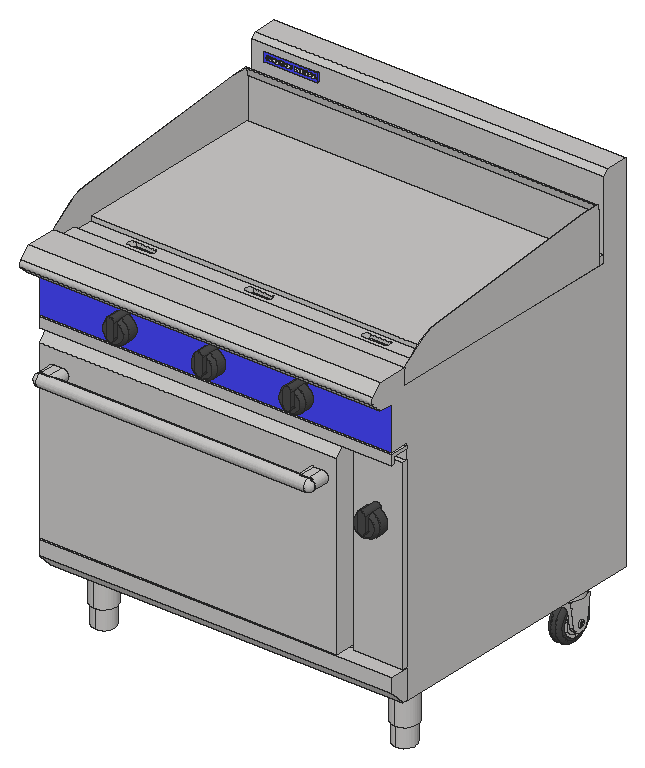
Revit family "QF_MOFFAT_BLUESEAL_CE_G506A", category Specialty Equipment, Revit 2012
Parameters
  Width = 900 mm  # constant formula
  Weight in Pounds = 460
  URL Cutsheet = "www.moffat.com"
  URL = "www.moffat.com"
  Type Mark [instance] = ""
  Status [instance] = ""
  Specification by User [instance] = ""
  Specification by Manufacturer = ""
  Show Logo [instance] = yes
  Show Clearance [instance] = yes
  Show Casters [instance] = yes
  Serial Number = ""
  Seismic Rating = ""
  SMACNA No = ""
  Revision Code [instance] = ""
  Omniclass Number and Title = ""
  NAFEM Spec ID Number = ""
  Model = "G506A"
  Mechanical Remarks = ""
  Mechanical Connection Type [instance] = ""
  Masterspec = ""
  Manufacturer = "MOFFAT BLUESEAL"
  Legs [instance] = not(Show Casters)  # no
  Item Number [instance] = ""
  Installed By [instance] = ""
  Identify Quantity as Lot [instance] = yes
  Height = 970 mm  # constant formula
  Gas Size = 3/4"
  Gas RI Height [instance] = 0 mm
  Gas KW [instance] = 25
  Gas Input [instance] = 85303.0 Btu/h
  Gas Connection Height = 0 mm
  Furnished By [instance] = ""
  Foodservice Equipment Identifier [instance] = yes
  Description = "900MM GAS RANGE WITH STATIC OVEN"
  Depth = 812 mm  # constant formula
  CSI MasterFormat = ""
  CSI Master Format = ""
  Body Finish = QF_Finishes_Stainless Steel
Reference planes
  plane 1 "BACK": y = 0
  plane 2: z = 0
  plane 3 "LEFT": x = 0
  plane 4 "RIGHT": x = 900
  plane 5 "FRONT": y = -812
  plane 6 "TOP": z = 970
  plane 7 "Center Y": x = 450
  plane 8 "Center X": y = -406
  plane 9: x = 280
  plane 10: y = -574.272
  plane 11: x = 60
  plane 12: y = -304.972
  plane 13: y = -364.972
  plane 14: x = 74
  plane 15: y = -812
  plane 16: x = 834.5
  plane 17: y = -32
  plane 18: z = 655
  plane 19: y = -100
  plane 20: z = 1085
  plane 21: y = -705
Forms (mm)
  Extrusion 1, solid, material "QF_Finishes_Stainless Steel" <- "Body Finish"
    sketch origin (0, 0, 0) x (0, 1, 0) y (0, 0, 1)
      loop
        line (0, 150) -> (0, 1085) -> (-57.5, 1085) -> (-70, 1072.5) -> (-70, 875) -> (-705, 875) -> (-705, 915) -> (-783.97, 915) -> (-808.476, 890.494)
        arc (-808.476, 890.494) -> (-811.994, 882) -> (-808.476, 873.506) r 12.013
        line (-808.476, 873.506) -> (-784.97, 850) -> (-749, 850) -> (-749, 740) -> (-699, 740) -> (-699, 150) -> (0, 150)
    from 0 to 900
  Extrusion 2, solid, material "QF_Finishes_Stainless Steel"
    sketch origin (0, 7, 0) x (0, 1, 0) y (0, 0, 1)
      loop
        line (-706, 700) -> (-732, 700) -> (-756, 676) -> (-756, 227.5) -> (-706, 227.5) -> (-706, 700)
    from 0 to 760
  Extrusion 3, solid, material "QF_Finishes_Stainless Steel"
    sketch origin (723.5, 7, 0) x (0, 1, 0) y (0, 0, 1)
      loop
        line (-706, 700) -> (-721, 700) -> (-721, 227.5) -> (-706, 227.5) -> (-706, 700)
    from 51.5 to 176.5
  Revolve 4, solid, material "QF_Finishes_Stainless Steel" <- "Body Finish"
    sketch origin (834.5, -696.126, 0) x (0, 1, 0) y (0, 0, -1)
      loop
        line (39.376, -150) -> (71.126, -150) -> (71.126, 0) -> (43.626, 0) -> (43.626, -50) -> (39.376, -50) -> (39.376, -150)
      axis (71.126, -150) -> (71.126, 0)
    angle from 0 to 360
  Revolve 5, solid, material "QF_Finishes_Stainless Steel" <- "Body Finish"
    sketch origin (65.5, -696.126, 0) x (0, 1, 0) y (0, 0, 1)
      loop
        line (39.376, 150) -> (39.376, 50) -> (43.626, 50) -> (43.626, 0) -> (71.126, 0) -> (71.126, 150) -> (39.376, 150)
      axis (71.126, 150) -> (71.126, 0)
    angle from 0 to 360
  Extrusion 6, solid, material "QF_Finishes_Stainless Steel"
    sketch origin (-64.5, 0, 325) x (1, 0, 0) y (0, 1, 0)
      loop
        circle (834.5, -32) r 10
    from 330 to 371
  Revolve 7, solid, material "QF_Finishes_Black"
    sketch origin (674.351, 45.874, -0.118) x (0, 1, 0) y (0, 0, 1)
      loop
        line (-827.874, 829.5) -> (-838.874, 823.651) -> (-838.874, 797) -> (-794.874, 797) -> (-794.874, 802) -> (-804.874, 802) -> (-804.874, 829.5) -> (-827.874, 829.5)
      axis (-838.874, 797) -> (-794.874, 797)
    angle from 0 to 360
  Revolve 8, solid, material "QF_Finishes_Black"
    sketch origin (223.149, 45.874, -0.118) x (0, 1, 0) y (0, 0, -1)
      loop
        line (-827.874, -829.5) -> (-804.874, -829.5) -> (-804.874, -802) -> (-794.874, -802) -> (-794.874, -797) -> (-838.874, -797) -> (-838.874, -823.651) -> (-827.874, -829.5)
      axis (-838.874, -797) -> (-794.874, -797)
    angle from 0 to 360
  Revolve 9, solid, material "QF_Finishes_Black"
    sketch origin (450, 45.874, -0.118) x (0, 1, 0) y (0, 0, -1)
      loop
        line (-827.874, -829.5) -> (-804.874, -829.5) -> (-804.874, -802) -> (-794.874, -802) -> (-794.874, -797) -> (-838.874, -797) -> (-838.874, -823.651) -> (-827.874, -829.5)
      axis (-838.874, -797) -> (-794.874, -797)
    angle from 0 to 360
  Extrusion 10, solid, material "QF_Finishes_Black"
    sketch origin (370.956, 7, -0.118) x (-1, 0, 0) y (0, 0, -1)
      loop
        arc (158.3, -789) -> (148.3, -779) -> (138.3, -789) r 10
        line (138.3, -789) -> (138.3, -824)
        arc (138.3, -824) -> (148.3, -834) -> (158.3, -824) r 10
        line (158.3, -824) -> (158.3, -789)
    from 759 to 808
  Extrusion 11, solid, material "QF_Finishes_Black"
    sketch origin (526.544, 7, -0.118) x (1, 0, 0) y (0, 0, 1)
      loop
        line (158.3, 789) -> (158.3, 824)
        arc (158.3, 824) -> (148.3, 834) -> (138.3, 824) r 10
        line (138.3, 824) -> (138.3, 789)
        arc (138.3, 789) -> (148.3, 779) -> (158.3, 789) r 10
    from 759 to 808
  Extrusion 12, solid, material "QF_Finishes_Black"
    sketch origin (597.807, 7, -0.118) x (-1, 0, 0) y (0, 0, -1)
      loop
        arc (158.3, -789) -> (148.3, -779) -> (138.3, -789) r 10
        line (138.3, -789) -> (138.3, -824)
        arc (138.3, -824) -> (148.3, -834) -> (158.3, -824) r 10
        line (158.3, -824) -> (158.3, -789)
    from 759 to 808
  Revolve 13, solid, material "QF_Finishes_Black"
    sketch origin (836.851, 80.874, -243.743) x (0, 1, 0) y (0, 0, 1)
      loop
        line (-827.874, 829.5) -> (-838.874, 823.651) -> (-838.874, 797) -> (-794.874, 797) -> (-794.874, 802) -> (-804.874, 802) -> (-804.874, 829.5) -> (-827.874, 829.5)
      axis (-838.874, 797) -> (-794.874, 797)
    angle from 0 to 360
  Extrusion 14, solid, material "QF_Finishes_Black"
    sketch origin (689.044, 42, -243.743) x (1, 0, 0) y (0, 0, 1)
      loop
        line (158.3, 789) -> (158.3, 824)
        arc (158.3, 824) -> (148.3, 834) -> (138.3, 824) r 10
        line (138.3, 824) -> (138.3, 789)
        arc (138.3, 789) -> (148.3, 779) -> (158.3, 789) r 10
    from 759 to 808
  Extrusion 15, solid, material "QF_Door-Drawer Clearances", visible <- "Show Clearance", detail levels coarse
    sketch origin (0, 7, 0) x (0, -1, 0) y (0, 0, 1)
      loop
        line (756, 697.347) -> (756, 227.5) -> (1225.847, 227.5)
        arc (1225.847, 227.5) -> (1088.232, 559.732) -> (756, 697.347) r 469.847
    from 0 to -760
  Extrusion 16, void
    sketch origin (0, 0, 220) x (1, 0, 0) y (0, 1, 0)
      loop
        line (824, -87) -> (824, 0) -> (694, 0) -> (694, -39) -> (744, -87) -> (824, -87)
    from 0 to 476
  Extrusion 17, solid, material "QF_Finishes_Stainless Steel"
    sketch origin (0, -749, 227.5) x (0, 0, 1) y (-1, 0, 0)
      loop
        line (380.625, -38.246) -> (380.625, -58.528)
        arc (380.625, -58.528) -> (395.625, -73.528) -> (410.625, -58.528) r 15
        line (410.625, -58.528) -> (410.625, -38.246)
        arc (410.625, -38.246) -> (395.625, -23.246) -> (380.625, -38.246) r 15
      loop
        arc (380.625, -723.039) -> (395.625, -738.039) -> (410.625, -723.039) r 15
        line (410.625, -723.039) -> (410.625, -702.757)
        arc (410.625, -702.757) -> (395.625, -687.757) -> (380.625, -702.757) r 15
        line (380.625, -702.757) -> (380.625, -723.039)
    from 0 to 44
  Revolve 18, solid, material "QF_Finishes_Stainless Steel"
    sketch origin (0, -793, 0) x (1, 0, 0) y (0, 0, 1)
      loop
        arc (738.039, 623.125) -> (733.646, 633.732) -> (723.039, 638.125) r 15
        line (723.039, 638.125) -> (38.246, 638.125)
        arc (38.246, 638.125) -> (27.64, 633.732) -> (23.246, 623.125) r 15
        line (23.246, 623.125) -> (738.039, 623.125)
      axis (738.039, 623.125) -> (23.246, 623.125)
    angle from 0 to 360
  Extrusion 19, solid, material "QF_Finishes_Stainless Steel" <- "Body Finish"
    sketch origin (0, 7, 0) x (0, 1, 0) y (0, 0, 1)
      loop
        line (-756, 710) -> (-747.224, 710) -> (-749.613, 726.999) -> (-707.93, 726.999) -> (-707.93, 734.003) -> (-756, 734.003) -> (-756, 710)
    from 0 to 900
  Extrusion 20, solid, material "QF_Finishes_Stainless Steel" <- "Body Finish"
    sketch origin (0, 4.73, 0) x (0, 1, 0) y (0, 0, 1)
      loop
        line (-753.73, 222.5) -> (-753.73, 186) -> (-717.802, 150.071) -> (-703.73, 150.071) -> (-703.73, 222.5) -> (-753.73, 222.5)
    from 0 to 900
  Extrusion 21, solid, material "QF_Finishes_Stainless Steel", visible <- "Show Casters"
    sketch origin (71.501, 133.353, -8.783) x (0, 1, 0) y (0, 0, 1)
      loop
        line (-201.603, 118.783) -> (-265.103, 118.783) -> (-252.746, 53.895)
        arc (-252.746, 53.895) -> (-233.353, 38.783) -> (-213.959, 53.895) r 20
        line (-213.959, 53.895) -> (-201.603, 118.783)
    from -35.667 to 22.923
  Revolve 22, solid, material "QF_Finishes_Stainless Steel", visible <- "Show Casters"
    sketch origin (65, -203, 0) x (0, 1, 0) y (0, 0, 1)
      loop
        line (67.25, 150) -> (67.25, 110) -> (103, 110) -> (103, 150) -> (67.25, 150)
      axis (103, 150) -> (103, 110)
    angle from 0 to 360
  Revolve 23, solid, material "QF_Finishes_Stainless Steel", visible <- "Show Casters"
    sketch origin (834.5, -203, 0) x (0, 1, 0) y (0, 0, -1)
      loop
        line (67.25, -150) -> (103, -150) -> (103, -110) -> (67.25, -110) -> (67.25, -150)
      axis (103, -150) -> (103, -110)
    angle from 0 to 360
  Revolve 24, solid, material "QF_Finishes_Stainless Steel", visible <- "Show Casters"
    sketch origin (785.276, -99.755, -13.653) x (1, 0, 0) y (0, 0, 1)
      loop
        line (14.841, 64.453) -> (83.584, 64.453) -> (83.584, 67.958) -> (82.314, 69.228) -> (80.79, 69.228) -> (80.79, 72.674) -> (68.644, 72.674) -> (68.644, 82.639) -> (65.088, 84.692) -> (63.738, 93.028) -> (65.881, 93.028) -> (65.881, 99.378) -> (65.088, 99.378) -> (65.088, 105.728)
        arc (65.088, 105.728) -> (62.298, 112.463) -> (55.563, 115.253) r 9.525
        line (55.563, 115.253) -> (42.863, 115.253)
        arc (42.863, 115.253) -> (36.127, 112.463) -> (33.338, 105.728) r 9.525
        line (33.338, 105.728) -> (33.338, 99.378) -> (32.544, 99.378) -> (32.544, 93.028) -> (34.687, 93.028) -> (33.352, 84.781) -> (29.782, 82.719) -> (29.782, 72.674) -> (17.635, 72.674) -> (17.635, 69.228) -> (16.111, 69.228) -> (14.841, 67.958) -> (14.841, 64.453)
      axis (14.841, 64.453) -> (83.584, 64.453)
    angle from 0 to 360
  Extrusion 25, solid, material "QF_Finishes_Stainless Steel", visible <- "Show Casters"
    sketch origin (841.001, 133.353, -8.783) x (0, 1, 0) y (0, 0, 1)
      loop
        line (-201.603, 118.783) -> (-265.103, 118.783) -> (-252.746, 53.895)
        arc (-252.746, 53.895) -> (-233.353, 38.783) -> (-213.959, 53.895) r 20
        line (-213.959, 53.895) -> (-201.603, 118.783)
    from -35.667 to 22.923
  Revolve 26, solid, material "QF_Finishes_Stainless Steel", visible <- "Legs"
    sketch origin (65, -165, 0) x (0, 1, 0) y (0, 0, 1)
      loop
        line (33.25, 150) -> (33.25, 50) -> (37.5, 50) -> (37.5, 0) -> (65, 0) -> (65, 150) -> (33.25, 150)
      axis (65, 150) -> (65, 0)
    angle from 0 to 360
  Revolve 27, solid, material "QF_Finishes_Stainless Steel", visible <- "Legs"
    sketch origin (834.5, -165, 0) x (0, 1, 0) y (0, 0, -1)
      loop
        line (33.25, -150) -> (65, -150) -> (65, 0) -> (37.5, 0) -> (37.5, -50) -> (33.25, -50) -> (33.25, -150)
      axis (65, -150) -> (65, 0)
    angle from 0 to 360
  Revolve 28, solid, material "QF_Finishes_Stainless Steel", visible <- "Show Casters"
    sketch origin (114.224, -99.755, -13.653) x (-1, 0, 0) y (0, 0, -1)
      loop
        line (14.841, -64.453) -> (14.841, -67.958) -> (16.111, -69.228) -> (17.635, -69.228) -> (17.635, -72.674) -> (29.782, -72.674) -> (29.782, -82.719) -> (33.352, -84.781) -> (34.687, -93.028) -> (32.544, -93.028) -> (32.544, -99.378) -> (33.338, -99.378) -> (33.338, -105.728)
        arc (33.338, -105.728) -> (36.127, -112.463) -> (42.863, -115.253) r 9.525
        line (42.863, -115.253) -> (55.563, -115.253)
        arc (55.563, -115.253) -> (62.298, -112.463) -> (65.088, -105.728) r 9.525
        line (65.088, -105.728) -> (65.088, -99.378) -> (65.881, -99.378) -> (65.881, -93.028) -> (63.738, -93.028) -> (65.088, -84.692) -> (68.644, -82.639) -> (68.644, -72.674) -> (80.79, -72.674) -> (80.79, -69.228) -> (82.314, -69.228) -> (83.584, -67.958) -> (83.584, -64.453) -> (14.841, -64.453)
      axis (14.841, -64.453) -> (83.584, -64.453)
    angle from 0 to 360
Cuts and joins
  Extrusion 16 cuts Extrusion 1
Lines and regions (mm)
  Split face 1
    outline origin (900, 0, 1085) x (-1, 0, 0) y (0, -1, 0)
      loop
        arc (867.206, 18.385) -> (875.866, 23.385) -> (875.866, 33.385) r 10
        line (875.866, 33.385) -> (871.824, 40.385)
        arc (871.824, 40.385) -> (868.164, 44.045) -> (863.164, 45.385) r 10
        line (863.164, 45.385) -> (635.206, 45.385)
        arc (635.206, 45.385) -> (626.545, 40.385) -> (626.545, 30.385) r 10
        line (626.545, 30.385) -> (630.587, 23.385)
        arc (630.587, 23.385) -> (634.247, 19.725) -> (639.247, 18.385) r 10
        line (639.247, 18.385) -> (867.206, 18.385)
  Split face 2
    outline origin (900, 0, 1085) x (-1, 0, 0) y (0, -1, 0)
      loop
        arc (567.206, 18.385) -> (575.866, 23.385) -> (575.866, 33.385) r 10
        line (575.866, 33.385) -> (571.824, 40.385)
        arc (571.824, 40.385) -> (568.164, 44.045) -> (563.164, 45.385) r 10
        line (563.164, 45.385) -> (335.206, 45.385)
        arc (335.206, 45.385) -> (326.545, 40.385) -> (326.545, 30.385) r 10
        line (326.545, 30.385) -> (330.587, 23.385)
        arc (330.587, 23.385) -> (334.247, 19.725) -> (339.247, 18.385) r 10
        line (339.247, 18.385) -> (567.206, 18.385)
  Split face 3
    outline origin (900, 0, 1085) x (-1, 0, 0) y (0, -1, 0)
      loop
        arc (35.206, 45.385) -> (26.545, 40.385) -> (26.545, 30.385) r 10
        line (26.545, 30.385) -> (30.587, 23.385)
        arc (30.587, 23.385) -> (34.247, 19.725) -> (39.247, 18.385) r 10
        line (39.247, 18.385) -> (267.206, 18.385)
        arc (267.206, 18.385) -> (275.866, 23.385) -> (275.866, 33.385) r 10
        line (275.866, 33.385) -> (271.824, 40.385)
        arc (271.824, 40.385) -> (268.164, 44.045) -> (263.164, 45.385) r 10
        line (263.164, 45.385) -> (35.206, 45.385)
  symbolic lines
    curve 1: line (0, 0, 0) -> (0, -812, 0)
    curve 2: line (900, 0, 0) -> (0, 0, 0)
    curve 3: line (900, -812, 0) -> (900, 0, 0)
    curve 4: line (0, -70, 0) -> (900, -70, 0)
    curve 5: line (900, -812, 0) -> (0, -812, 0)
    curve 6: line (900, -705, 0) -> (0, -705, 0)
    curve 7: line (0, -701.7, 0) -> (900, -701.7, 0)
    curve 8: line (900, -72.734, 0) -> (0, -72.734, 0)
    curve 9: arc (22.65, -812, 0) -> (34.104, -822.278, 0) -> (48.889, -826.544, 0) r 34.455
    curve 10: line (48.889, -826.544, 0) -> (721.858, -826.544, 0)
    curve 11: arc (721.858, -826.544, 0) -> (736.403, -822.647, 0) -> (747.05, -812, 0) r 29.089
    curve 15: line (32.794, -18.385, 0) -> (260.753, -18.385, 0)
    curve 16: arc (260.753, -18.385, 0) -> (265.753, -19.725, 0) -> (269.413, -23.385, 0) r 10
    curve 17: line (269.413, -23.385, 0) -> (273.455, -30.385, 0)
    curve 18: arc (273.455, -30.385, 0) -> (273.455, -40.385, 0) -> (264.794, -45.385, 0) r 10
    curve 19: line (264.794, -45.385, 0) -> (36.836, -45.385, 0)
    curve 20: arc (36.836, -45.385, 0) -> (31.836, -44.045, 0) -> (28.176, -40.385, 0) r 10
    curve 21: line (28.176, -40.385, 0) -> (24.134, -33.385, 0)
    curve 22: arc (24.134, -33.385, 0) -> (24.134, -23.385, 0) -> (32.794, -18.385, 0) r 10
    curve 23: line (560.753, -18.385, 0) -> (332.794, -18.385, 0)
    curve 24: arc (332.794, -18.385, 0) -> (324.134, -23.385, 0) -> (324.134, -33.385, 0) r 10
    curve 25: line (324.134, -33.385, 0) -> (328.176, -40.385, 0)
    curve 26: arc (328.176, -40.385, 0) -> (331.836, -44.045, 0) -> (336.836, -45.385, 0) r 10
    curve 27: line (336.836, -45.385, 0) -> (564.794, -45.385, 0)
    curve 28: arc (564.794, -45.385, 0) -> (573.455, -40.385, 0) -> (573.455, -30.385, 0) r 10
    curve 29: line (573.455, -30.385, 0) -> (569.413, -23.385, 0)
    curve 30: arc (569.413, -23.385, 0) -> (565.753, -19.725, 0) -> (560.753, -18.385, 0) r 10
    curve 31: line (632.794, -18.385, 0) -> (860.753, -18.385, 0)
    curve 32: arc (860.753, -18.385, 0) -> (865.753, -19.725, 0) -> (869.413, -23.385, 0) r 10
    curve 33: line (869.413, -23.385, 0) -> (873.455, -30.385, 0)
    curve 34: arc (873.455, -30.385, 0) -> (873.455, -40.385, 0) -> (864.794, -45.385, 0) r 10
    curve 35: line (864.794, -45.385, 0) -> (636.836, -45.385, 0)
    curve 36: arc (636.836, -45.385, 0) -> (631.836, -44.045, 0) -> (628.176, -40.385, 0) r 10
    curve 37: line (628.176, -40.385, 0) -> (624.134, -33.385, 0)
    curve 38: arc (624.134, -33.385, 0) -> (624.134, -23.385, 0) -> (632.794, -18.385, 0) r 10
    curve 39: line (0, -783.97, 0) -> (900, -783.97, 0)
    curve 40: line (0, -57.5, 0) -> (900, -57.5, 0)
  symbolic lines, style "QF_Door-Drawer Clearances", visible <- "Show Clearance"
    curve 12: line (0, -1218.847, 0) -> (0, -812, 0)
    curve 13: line (0, -1218.847, 0) -> (760, -1218.847, 0)
    curve 14: line (760, -1218.847, 0) -> (760, -812, 0)
Dimensions and locks
  equal spacing: plane 3 "LEFT", plane 7 "Center Y", plane 4 "RIGHT"
  "Width": plane 3 "LEFT" to plane 4 "RIGHT"
  equal spacing: plane 5 "FRONT", plane 8 "Center X", plane 1 "BACK"
  plane 5 "FRONT" to plane 1 "BACK" = 812 mm  (x2)
  equal spacing: plane 4 "RIGHT", plane 7 "Center Y", plane 3 "LEFT"
  plane 4 "RIGHT" to plane 3 "LEFT" = 900 mm
  "Height": plane 6 "TOP" to level
  plane 10 to plane 1 "BACK" = 574.272 mm
  plane 12 to plane 1 "BACK" = 304.972 mm  (x2)
  plane 11 to plane 3 "LEFT" = 60 mm
  plane 14 to plane 3 "LEFT" = 74 mm
  plane 9 to plane 3 "LEFT" = 280 mm
  "Depth": plane 1 "BACK" to plane 15
  plane 15 to plane 5 "FRONT" = 0 mm
  plane 6 "TOP" to plane 2 = 970 mm
  plane 2 to Extrusion 1 sketch curve = 875 mm
  locked: plane 2 to Extrusion 1 sketch curve at 915
  Revolve 24 sketch curve to Revolve 24 sketch curve = 50.8 mm
  Revolve 28 sketch curve to Revolve 28 sketch curve = 50.8 mm
  plane 20 to level = 1085 mm
  aligned and locked: level to plane 2
  aligned and locked: curve 3 to plane 4 "RIGHT"
Automatic sketch dimensions
  Extrusion 1 sketch curve to plane 21 = 0 mm
  Extrusion 1 sketch curve to plane 20 = 0 mm
  Extrusion 1 sketch curve to plane 1 "BACK" = 0 mm
  plane 21 to Extrusion 1 sketch curve = 44 mm
  Extrusion 1 sketch curve to plane 5 "FRONT" = 28.03 mm
  Extrusion 1 sketch curve to plane 5 "FRONT" = 27.03 mm
  Extrusion 1 sketch curve to plane 5 "FRONT" = 12.018 mm
  Extrusion 1 sketch curve to plane 5 "FRONT" = 3.524 mm  (x2)
  Extrusion 1 sketch curve to plane 21 = 6 mm
  Extrusion 1 sketch curve to plane 20 = 12.5 mm
  plane 19 to Extrusion 1 sketch curve = 30 mm
  Extrusion 1 sketch curve to Extrusion 1 sketch curve = 12.5 mm
  Extrusion 1 sketch curve to Extrusion 1 sketch curve = 41.494 mm
  Extrusion 1 sketch curve to Extrusion 1 sketch curve = 25 mm
  plane 18 to Extrusion 1 sketch curve = 85 mm
  level to Extrusion 1 sketch curve = 150 mm
  Extrusion 1 sketch curve to Extrusion 1 sketch curve = 8.494 mm
  plane 21 to Extrusion 2 sketch curve = 20 mm
  Extrusion 2 sketch curve to plane 21 = 6 mm
  level to Extrusion 2 sketch curve = 227.5 mm
  plane 21 to Extrusion 3 sketch curve = 9 mm
  Extrusion 3 sketch curve to plane 21 = 6 mm
  level to Extrusion 3 sketch curve = 227.5 mm
  plane 18 to Extrusion 3 sketch curve = 45 mm
  Revolve 4 sketch curve to level = 0 mm
  Revolve 4 sketch curve to plane 21 = 48.25 mm
  Revolve 4 sketch curve to Revolve 4 sketch curve = 4.25 mm
  Revolve 4 sketch curve to Revolve 4 sketch curve = 27.5 mm  (x2)
  level to Revolve 4 sketch curve = 50 mm
  Revolve 4 sketch curve to Revolve 4 sketch curve = 0 mm
  Revolve 4 sketch curve to Revolve 4 sketch curve = 100 mm
  Revolve 4 sketch curve to Revolve 4 sketch curve = 55 mm
  Revolve 5 sketch curve to level = 0 mm
  Revolve 5 sketch curve to plane 21 = 48.25 mm
  Revolve 5 sketch curve to Revolve 5 sketch curve = 4.25 mm
  Revolve 5 sketch curve to Revolve 5 sketch curve = 27.5 mm  (x2)
  Revolve 5 sketch curve to level = 55 mm
  Revolve 5 sketch curve to Revolve 5 sketch curve = 50 mm
  Revolve 5 sketch curve to Revolve 5 sketch curve = 0 mm
  Revolve 5 sketch curve to Revolve 5 sketch curve = 100 mm
  Extrusion 6 sketch curve to plane 17 = 0 mm
  Extrusion 6 sketch curve to plane 16 = 64.5 mm
  Revolve 7 sketch curve to plane 5 "FRONT" = 19 mm
  Revolve 7 sketch curve to Revolve 7 sketch curve = 0 mm  (x2)
  Revolve 7 sketch curve to Revolve 7 sketch curve = 11 mm
  Revolve 7 sketch curve to Revolve 7 sketch curve = 12.7 mm
  Revolve 7 sketch curve to Revolve 7 sketch curve = 23 mm
  Revolve 7 sketch curve to Revolve 7 sketch curve = 10 mm
  plane 18 to Revolve 7 sketch curve = 141.882 mm
  Revolve 7 sketch curve to Revolve 7 sketch curve = 5 mm
  Revolve 7 sketch curve to Revolve 7 sketch curve = 26.651 mm
  Revolve 7 sketch curve to Revolve 7 sketch curve = 5.849 mm
  Revolve 8 sketch curve to plane 5 "FRONT" = 19 mm
  Revolve 8 sketch curve to Revolve 8 sketch curve = 0 mm  (x2)
  Revolve 8 sketch curve to Revolve 8 sketch curve = 11 mm
  Revolve 8 sketch curve to Revolve 8 sketch curve = 12.7 mm
  Revolve 8 sketch curve to Revolve 8 sketch curve = 23 mm
  Revolve 8 sketch curve to Revolve 8 sketch curve = 10 mm
  Revolve 8 sketch curve to plane 6 "TOP" = 140.618 mm
  Revolve 8 sketch curve to Revolve 8 sketch curve = 5.849 mm
  Revolve 8 sketch curve to Revolve 8 sketch curve = 27.5 mm
  Revolve 8 sketch curve to Revolve 8 sketch curve = 5 mm
  Revolve 9 sketch curve to plane 5 "FRONT" = 19 mm
  Revolve 9 sketch curve to Revolve 9 sketch curve = 0 mm  (x2)
  Revolve 9 sketch curve to Revolve 9 sketch curve = 11 mm
  Revolve 9 sketch curve to Revolve 9 sketch curve = 12.7 mm
  Revolve 9 sketch curve to Revolve 9 sketch curve = 23 mm
  Revolve 9 sketch curve to Revolve 9 sketch curve = 10 mm
  Revolve 9 sketch curve to plane 6 "TOP" = 140.618 mm
  Revolve 9 sketch curve to Revolve 9 sketch curve = 5.849 mm
  Revolve 9 sketch curve to Revolve 9 sketch curve = 27.5 mm
  Revolve 9 sketch curve to Revolve 9 sketch curve = 5 mm
  plane 14 to Extrusion 10 sketch curve = 158.656 mm
  Extrusion 10 sketch curve to Extrusion 10 sketch curve = 10 mm
  Extrusion 10 sketch curve to plane 6 "TOP" = 146.118 mm
  Extrusion 10 sketch curve to Extrusion 10 sketch curve = 35 mm
  Extrusion 11 sketch curve to plane 16 = 169.656 mm
  Extrusion 11 sketch curve to plane 16 = 159.656 mm
  plane 18 to Extrusion 11 sketch curve = 133.882 mm
  Extrusion 11 sketch curve to Extrusion 11 sketch curve = 35 mm
  plane 7 "Center Y" to Extrusion 12 sketch curve = 9.507 mm
  Extrusion 12 sketch curve to Extrusion 12 sketch curve = 10 mm
  Extrusion 12 sketch curve to plane 6 "TOP" = 146.118 mm
  Extrusion 12 sketch curve to Extrusion 12 sketch curve = 35 mm
  Revolve 13 sketch curve to plane 5 "FRONT" = 54 mm
  Revolve 13 sketch curve to Revolve 13 sketch curve = 0 mm  (x2)
  Revolve 13 sketch curve to Revolve 13 sketch curve = 11 mm
  Revolve 13 sketch curve to Revolve 13 sketch curve = 12.7 mm
  plane 21 to Revolve 13 sketch curve = 19 mm
  plane 21 to Revolve 13 sketch curve = 9 mm
  Revolve 13 sketch curve to plane 18 = 101.743 mm
  Revolve 13 sketch curve to Revolve 13 sketch curve = 5 mm
  Revolve 13 sketch curve to Revolve 13 sketch curve = 26.651 mm
  Revolve 13 sketch curve to Revolve 13 sketch curve = 5.849 mm
  Extrusion 14 sketch curve to plane 16 = 7.156 mm
  plane 16 to Extrusion 14 sketch curve = 2.844 mm
  Extrusion 14 sketch curve to plane 18 = 109.743 mm
  Extrusion 14 sketch curve to Extrusion 14 sketch curve = 35 mm
  plane 21 to Extrusion 15 sketch curve = 44 mm
  level to Extrusion 15 sketch curve = 227.5 mm
  plane 5 "FRONT" to Extrusion 15 sketch curve = 406.847 mm
  plane 1 "BACK" to Extrusion 16 sketch curve = 0 mm
  Extrusion 16 sketch curve to plane 17 = 7 mm
  Extrusion 16 sketch curve to plane 16 = 140.5 mm
  plane 19 to Extrusion 16 sketch curve = 13 mm
  Extrusion 16 sketch curve to Extrusion 16 sketch curve = 50 mm
  Extrusion 16 sketch curve to plane 16 = 10.5 mm
  Extrusion 17 sketch curve to plane 11 = 1.472 mm
  Extrusion 17 sketch curve to plane 18 = 46.875 mm  (x2)
  Extrusion 17 sketch curve to Extrusion 17 sketch curve = 15 mm  (x2)
  Extrusion 17 sketch curve to plane 16 = 131.743 mm
  Extrusion 17 sketch curve to Extrusion 17 sketch curve = 20.282 mm  (x2)
  Revolve 18 sketch curve to plane 3 "LEFT" = 6.961 mm
  plane 3 "LEFT" to Revolve 18 sketch curve = 23.246 mm
  Revolve 18 sketch curve to plane 18 = 16.875 mm
  Revolve 18 sketch curve to Revolve 18 sketch curve = 15 mm
  Revolve 18 sketch curve to plane 18 = 31.875 mm
  plane 7 "Center Y" to Revolve 18 sketch curve = 138.039 mm
  Revolve 18 sketch curve to plane 16 = 111.461 mm
  plane 21 to Extrusion 19 sketch curve = 44 mm
  Extrusion 19 sketch curve to Extrusion 19 sketch curve = 6.387 mm
  Extrusion 19 sketch curve to Extrusion 19 sketch curve = 8.776 mm
  Extrusion 19 sketch curve to plane 21 = 4.07 mm
  plane 18 to Extrusion 19 sketch curve = 55 mm
  Extrusion 19 sketch curve to Extrusion 19 sketch curve = 16.999 mm
  Extrusion 19 sketch curve to Extrusion 19 sketch curve = 7.004 mm
  Extrusion 21 sketch curve to plane 19 = 0 mm
  Extrusion 21 sketch curve to plane 19 = 19.393 mm
  Extrusion 21 sketch curve to plane 19 = 31.75 mm
  plane 19 to Extrusion 21 sketch curve = 19.393 mm
  plane 19 to Extrusion 21 sketch curve = 31.75 mm
  level to Extrusion 21 sketch curve = 45.111 mm
  Extrusion 21 sketch curve to Extrusion 21 sketch curve = 4.889 mm
  Extrusion 21 sketch curve to Extrusion 21 sketch curve = 64.889 mm
  Revolve 22 sketch curve to plane 19 = 0 mm  (x2)
  Revolve 22 sketch curve to plane 19 = 35.75 mm
  Revolve 22 sketch curve to level = 55 mm
  level to Revolve 22 sketch curve = 50 mm
  Revolve 22 sketch curve to Revolve 22 sketch curve = 60 mm
  Revolve 22 sketch curve to Revolve 22 sketch curve = 40 mm
  Revolve 23 sketch curve to plane 19 = 0 mm  (x2)
  Revolve 23 sketch curve to plane 19 = 35.75 mm
  level to Revolve 23 sketch curve = 150 mm
  Revolve 23 sketch curve to Revolve 23 sketch curve = 40 mm
  level to Revolve 23 sketch curve = 50 mm
  Revolve 23 sketch curve to level = 55 mm
  Revolve 24 sketch curve to plane 16 = 34.382 mm
  Revolve 24 sketch curve to Revolve 24 sketch curve = 1.27 mm  (x4)
  Revolve 24 sketch curve to Revolve 24 sketch curve = 1.524 mm  (x2)
  Revolve 24 sketch curve to Revolve 24 sketch curve = 12.146 mm  (x2)
  Revolve 24 sketch curve to plane 16 = 16.68 mm
  Revolve 24 sketch curve to Revolve 24 sketch curve = 0.794 mm  (x2)
  Revolve 24 sketch curve to Revolve 24 sketch curve = 3.57 mm
  Revolve 24 sketch curve to Revolve 24 sketch curve = 2.143 mm
  Revolve 24 sketch curve to plane 16 = 6.361 mm
  plane 16 to Revolve 24 sketch curve = 5.13 mm
  plane 16 to Revolve 24 sketch curve = 6.339 mm
  plane 16 to Revolve 24 sketch curve = 14.515 mm
  Revolve 24 sketch curve to Revolve 24 sketch curve = 1.349 mm  (x2)
  Revolve 24 sketch curve to Revolve 24 sketch curve = 3.556 mm
  Revolve 24 sketch curve to plane 4 "RIGHT" = 2.18 mm
  level to Revolve 24 sketch curve = 50.8 mm
  Revolve 24 sketch curve to Revolve 24 sketch curve = 0 mm
  Revolve 24 sketch curve to Revolve 24 sketch curve = 3.505 mm  (x2)
  Revolve 24 sketch curve to Revolve 24 sketch curve = 3.447 mm  (x2)
  Revolve 24 sketch curve to Revolve 24 sketch curve = 9.964 mm
  Revolve 24 sketch curve to Revolve 24 sketch curve = 10.045 mm
  Revolve 24 sketch curve to Revolve 24 sketch curve = 2.053 mm
  Revolve 24 sketch curve to Revolve 24 sketch curve = 2.061 mm
  Revolve 24 sketch curve to Revolve 24 sketch curve = 8.247 mm
  Revolve 24 sketch curve to Revolve 24 sketch curve = 8.336 mm
  Revolve 24 sketch curve to Revolve 24 sketch curve = 6.35 mm  (x2)
  Extrusion 25 sketch curve to plane 19 = 0 mm
  Extrusion 25 sketch curve to plane 19 = 19.393 mm
  Extrusion 25 sketch curve to plane 19 = 31.75 mm
  plane 19 to Extrusion 25 sketch curve = 19.393 mm
  plane 19 to Extrusion 25 sketch curve = 31.75 mm
  level to Extrusion 25 sketch curve = 45.111 mm
  Extrusion 25 sketch curve to Extrusion 25 sketch curve = 4.889 mm
  Extrusion 25 sketch curve to Extrusion 25 sketch curve = 64.889 mm
  Revolve 26 sketch curve to level = 0 mm
  Revolve 26 sketch curve to plane 19 = 0 mm  (x2)
  Revolve 26 sketch curve to Revolve 26 sketch curve = 27.5 mm
  Revolve 26 sketch curve to Revolve 26 sketch curve = 31.75 mm
  Revolve 26 sketch curve to level = 55 mm
  Revolve 26 sketch curve to Revolve 26 sketch curve = 50 mm
  Revolve 26 sketch curve to Revolve 26 sketch curve = 0 mm
  Revolve 26 sketch curve to Revolve 26 sketch curve = 100 mm
  Revolve 27 sketch curve to level = 0 mm
  Revolve 27 sketch curve to plane 19 = 0 mm  (x2)
  Revolve 27 sketch curve to Revolve 27 sketch curve = 27.5 mm
  Revolve 27 sketch curve to Revolve 27 sketch curve = 31.75 mm
  level to Revolve 27 sketch curve = 50 mm
  Revolve 27 sketch curve to Revolve 27 sketch curve = 0 mm
  Revolve 27 sketch curve to Revolve 27 sketch curve = 100 mm
  Revolve 27 sketch curve to Revolve 27 sketch curve = 55 mm
  plane 14 to Revolve 28 sketch curve = 25.382 mm
  Revolve 28 sketch curve to Revolve 28 sketch curve = 1.27 mm  (x4)
  Revolve 28 sketch curve to Revolve 28 sketch curve = 1.524 mm  (x2)
  plane 14 to Revolve 28 sketch curve = 10.442 mm
  plane 14 to Revolve 28 sketch curve = 7.68 mm
  Revolve 28 sketch curve to Revolve 28 sketch curve = 0.794 mm  (x2)
  Revolve 28 sketch curve to Revolve 28 sketch curve = 3.57 mm
  Revolve 28 sketch curve to Revolve 28 sketch curve = 2.143 mm
  Revolve 28 sketch curve to plane 14 = 2.639 mm
  Revolve 28 sketch curve to plane 11 = 0.13 mm
  Revolve 28 sketch curve to plane 11 = 1.339 mm
  Revolve 28 sketch curve to plane 11 = 9.515 mm
  Revolve 28 sketch curve to Revolve 28 sketch curve = 1.349 mm  (x2)
  Revolve 28 sketch curve to Revolve 28 sketch curve = 3.556 mm
  Revolve 28 sketch curve to Revolve 28 sketch curve = 12.146 mm
  Revolve 28 sketch curve to plane 3 "LEFT" = 2.68 mm
  level to Revolve 28 sketch curve = 101.6 mm
  Revolve 28 sketch curve to Revolve 28 sketch curve = 6.35 mm  (x4)
  Revolve 28 sketch curve to Revolve 28 sketch curve = 8.247 mm
  Revolve 28 sketch curve to Revolve 28 sketch curve = 8.336 mm
  Revolve 28 sketch curve to Revolve 28 sketch curve = 2.061 mm
  Revolve 28 sketch curve to Revolve 28 sketch curve = 2.053 mm
  Revolve 28 sketch curve to Revolve 28 sketch curve = 10.045 mm
  Revolve 28 sketch curve to Revolve 28 sketch curve = 9.964 mm
  Revolve 28 sketch curve to Revolve 28 sketch curve = 3.447 mm  (x2)
  Revolve 28 sketch curve to Revolve 28 sketch curve = 3.505 mm
  plane 1 "BACK" to curve 1 = 0 mm
  curve 1 to plane 3 "LEFT" = 0 mm
  plane 5 "FRONT" to curve 9 = 0 mm
  plane 21 to curve 6 = 0 mm
  plane 3 "LEFT" to curve 9 = 22.65 mm
  curve 10 to plane 11 = 11.111 mm
  curve 9 to plane 11 = 9.192 mm
  plane 5 "FRONT" to curve 10 = 14.544 mm
  curve 10 to plane 16 = 112.642 mm
  curve 11 to curve 11 = 25.191 mm
  curve 13 to plane 16 = 74.5 mm
  curve 12 to curve 10 = 392.303 mm
  curve 8 to curve 4 = 2.734 mm
  Split face 1 sketch curve to cut or joined group of Extrusion 1, Extrusion 16 = 27.115 mm
  Split face 1 sketch curve to cut or joined group of Extrusion 1, Extrusion 16 = 626.545 mm
  Split face 1 sketch curve to Split face 1 sketch curve = 4.041 mm  (x4)
  Split face 1 sketch curve to Split face 1 sketch curve = 8.66 mm  (x2)
  Split face 1 sketch curve to cut or joined group of Extrusion 1, Extrusion 16 = 12.115 mm
  Split face 1 sketch curve to Split face 1 sketch curve = 223.917 mm
  Split face 1 sketch curve to Split face 1 sketch curve = 7 mm  (x3)
  Split face 1 sketch curve to Split face 1 sketch curve = 17 mm
  Split face 2 sketch curve to cut or joined group of Extrusion 1, Extrusion 16 = 27.115 mm
  Split face 2 sketch curve to cut or joined group of Extrusion 1, Extrusion 16 = 326.545 mm
  Split face 2 sketch curve to cut or joined group of Extrusion 1, Extrusion 16 = 23.385 mm
  Split face 2 sketch curve to Split face 2 sketch curve = 4.041 mm  (x3)
  Split face 2 sketch curve to Split face 2 sketch curve = 8.66 mm  (x3)
  Split face 2 sketch curve to cut or joined group of Extrusion 1, Extrusion 16 = 12.115 mm
  Split face 2 sketch curve to Split face 2 sketch curve = 223.917 mm
  Split face 2 sketch curve to cut or joined group of Extrusion 1, Extrusion 16 = 18.385 mm
  Split face 2 sketch curve to Split face 2 sketch curve = 10 mm
  Split face 2 sketch curve to Split face 2 sketch curve = 7 mm
  Split face 3 sketch curve to cut or joined group of Extrusion 1, Extrusion 16 = 27.115 mm
  Split face 3 sketch curve to cut or joined group of Extrusion 1, Extrusion 16 = 26.545 mm
  Split face 3 sketch curve to cut or joined group of Extrusion 1, Extrusion 16 = 23.385 mm
  Split face 3 sketch curve to Split face 3 sketch curve = 4.041 mm  (x4)
  Split face 3 sketch curve to Split face 3 sketch curve = 8.66 mm  (x2)
  Split face 3 sketch curve to cut or joined group of Extrusion 1, Extrusion 16 = 22.115 mm
  Split face 3 sketch curve to Split face 3 sketch curve = 223.917 mm
  Split face 3 sketch curve to cut or joined group of Extrusion 1, Extrusion 16 = 17.115 mm
  Split face 3 sketch curve to Split face 3 sketch curve = 17 mm
  Split face 3 sketch curve to Split face 3 sketch curve = 7 mm
  curve 21 to plane 17 = 1.385 mm
  plane 3 "LEFT" to curve 21 = 24.134 mm
  curve 21 to plane 17 = 8.385 mm
  curve 21 to curve 21 = 4.041 mm
  plane 17 to curve 22 = 3.615 mm
  curve 22 to curve 22 = 8.66 mm
  curve 20 to curve 20 = 8.66 mm
  plane 17 to curve 16 = 3.615 mm
  curve 16 to plane 9 = 19.247 mm
  curve 18 to plane 17 = 3.385 mm
  curve 16 to curve 18 = 4.041 mm
  plane 17 to curve 17 = 8.615 mm
  plane 17 to curve 18 = 1.615 mm
  curve 18 to plane 9 = 6.545 mm
  curve 24 to plane 17 = 1.385 mm
  plane 9 to curve 24 = 44.134 mm
  curve 25 to curve 26 = 4.041 mm
  curve 24 to curve 23 = 8.66 mm
  curve 26 to plane 17 = 3.385 mm
  curve 24 to curve 26 = 4.041 mm
  plane 17 to curve 30 = 13.615 mm
  curve 28 to plane 17 = 3.385 mm
  curve 30 to curve 28 = 4.041 mm
  plane 17 to curve 29 = 8.615 mm
  curve 23 to curve 29 = 8.66 mm
  plane 17 to curve 28 = 1.615 mm
  curve 29 to curve 28 = 4.041 mm
  curve 37 to plane 17 = 1.385 mm
  curve 37 to plane 17 = 8.385 mm
  curve 37 to curve 37 = 4.041 mm
  plane 17 to curve 31 = 13.615 mm
  curve 38 to curve 31 = 8.66 mm
  curve 37 to curve 35 = 8.66 mm
  plane 16 to curve 31 = 26.253 mm
  curve 32 to curve 35 = 4.041 mm
  plane 17 to curve 33 = 8.615 mm
  curve 31 to curve 33 = 8.66 mm
  plane 17 to curve 33 = 1.615 mm
  curve 32 to curve 33 = 4.041 mm
  curve 36 to curve 37 = 5 mm
  curve 29 to curve 37 = 50.679 mm
  plane 7 "Center Y" to curve 23 = 110.753 mm
  curve 6 to curve 7 = 3.3 mm
  plane 19 to curve 8 = 27.266 mm
  curve 39 to plane 5 "FRONT" = 28.03 mm
  curve 4 to curve 40 = 12.5 mm
  plane 21 to Extrusion 20 sketch curve = 44 mm
  plane 21 to Extrusion 20 sketch curve = 8.071 mm
  Extrusion 20 sketch curve to plane 21 = 6 mm
  level to Extrusion 20 sketch curve = 150.071 mm
  Extrusion 20 sketch curve to Extrusion 20 sketch curve = 35.929 mm
  Extrusion 20 sketch curve to Extrusion 20 sketch curve = 36.5 mm
  plane 21 to Extrusion 2 sketch curve = 44 mm
  plane 18 to Extrusion 2 sketch curve = 21 mm
  Extrusion 2 sketch curve to Extrusion 2 sketch curve = 24 mm
  radius of Extrusion 6 sketch curve = 10 mm
Nested families
  nested 1: "WALDORF LOGO_FACE BASE" at (32, -70, 1056.385) x (1, 0, 0) z (0, -1, 0), visible <- "Show Logo", type "WALDORF LOGO_FACE BASE", detail levels medium+fine
    with Show Logo yes
  nested 2: "GAS GRIDDLE PLATE 900" at (0, -85, 874.5), type "GAS GRIDDLE PLATE 900"
    with Width 900 mm, Type Mark "", Status "", Specification by User "", Revision Code "", Item Number "", Installed By "", Identify Quantity as Lot yes, Furnished By "", Foodservice Equipment Identifier yes, Depth 620 mm
Connectors
  piping at (770, -32, 655)
    settings: on Extrusion 6, index 4, connector radius 0.37402", flow factor 0, pipe flow 0 GPM, pressure drop 0.00 psi, fitting loss kfactor 0, connector angle 0.00°, fixture units 0, engagement length 0 mm, flow configuration 1, flow direction 1, fitting loss method 0, system type 7, joint type 0, gender type 0, connector reference index -1, connector utility 0, adjustable connector no, is connector primary yes, fitting loss table "", connector description "GAS CONNECTION"
Definition of nested family "WALDORF LOGO_FACE BASE"
  Parameters (values of type "WALDORF LOGO_FACE BASE")
    Show Logo [instance] = yes
    Default Elevation = 1219.2 mm
  Reference planes
    plane 1 "Center (Front/Back)": y = 0
    plane 2: z = 0
    plane 3 "Center (Left/Right)": x = 0
  Forms (mm)
    Extrusion 1, solid
      sketch origin (0, 0, 0) x (1, 0, 0) y (0, 1, 0)
        loop
          line (-1219.2, 1219.2) -> (-1219.2, -1219.2) -> (1219.2, -1219.2) -> (1219.2, 1219.2) -> (-1219.2, 1219.2)
      from 0 to -304.8
    Extrusion 2, solid, material "QF_Finishes_Blue", visible <- "Show Logo"
      sketch origin (0, -33.217, 0) x (1, 0, 0) y (0, 1, 0)
        loop
          arc (138, 31.942) -> (137.626, 32.844) -> (136.724, 33.217) r 1.276
          line (136.724, 33.217) -> (1.29, 33.217)
          arc (1.29, 33.217) -> (0.378, 32.839) -> (0, 31.927) r 1.29
          line (0, 31.927) -> (0, 11.507)
          arc (0, 11.507) -> (0.378, 10.595) -> (1.29, 10.217) r 1.29
          line (1.29, 10.217) -> (136.71, 10.217)
          arc (136.71, 10.217) -> (137.622, 10.595) -> (138, 11.507) r 1.29
          line (138, 11.507) -> (138, 31.942)
      from 0 to 1.588
    Extrusion 3, solid, material "QF_Finishes_White", visible <- "Show Logo"
      sketch origin (0, -33.217, 1.588) x (1, 0, 0) y (0, 1, 0)
        loop
          arc (108.946, 25.919) -> (107.613, 25.367) -> (107.061, 24.034) r 1.885
          line (107.061, 24.034) -> (107.061, 17.211) -> (112.704, 17.211) -> (112.704, 19.129) -> (115.546, 19.129) -> (115.546, 17.211) -> (121.584, 17.211) -> (121.584, 24.075)
          arc (121.584, 24.075) -> (121.043, 25.379) -> (119.739, 25.919) r 1.845
          line (119.739, 25.919) -> (108.946, 25.919)
        loop
          line (123.478, 25.919) -> (123.478, 17.163) -> (134.904, 17.163) -> (134.904, 19.129) -> (129.246, 19.129) -> (129.246, 25.919) -> (123.478, 25.919)
        loop
          line (112.704, 21.258) -> (115.546, 21.258) -> (115.546, 22.702)
          arc (115.546, 22.702) -> (115.344, 23.188) -> (114.858, 23.389) r 0.687
          line (114.858, 23.389) -> (113.363, 23.389)
          arc (113.363, 23.389) -> (112.897, 23.196) -> (112.704, 22.73) r 0.658
          line (112.704, 22.73) -> (112.704, 21.258)
        loop
          line (105.071, 25.919) -> (93.771, 25.919) -> (93.771, 17.163) -> (105.071, 17.163) -> (105.071, 19.063) -> (99.535, 19.063) -> (99.535, 20.437) -> (105.071, 20.437) -> (105.071, 22.278) -> (99.535, 22.278) -> (99.535, 23.587) -> (105.071, 23.587) -> (105.071, 25.919)
        loop
          line (91.104, 25.919) -> (79.541, 25.919)
          arc (79.541, 25.919) -> (78.558, 25.513) -> (78.152, 24.53) r 1.389
          line (78.152, 24.53) -> (78.152, 22.08)
          arc (78.152, 22.08) -> (78.558, 21.098) -> (79.541, 20.691) r 1.389
          line (79.541, 20.691) -> (86.346, 20.691) -> (86.346, 18.864) -> (83.266, 18.864) -> (83.266, 19.664) -> (78.152, 19.664) -> (78.152, 18.553)
          arc (78.152, 18.553) -> (78.558, 17.57) -> (79.541, 17.163) r 1.389
          line (79.541, 17.163) -> (91.063, 17.163)
          arc (91.063, 17.163) -> (92.045, 17.57) -> (92.452, 18.553) r 1.389
          line (92.452, 18.553) -> (92.452, 20.691)
          arc (92.452, 20.691) -> (92.045, 21.673) -> (91.063, 22.08) r 1.389
          line (91.063, 22.08) -> (83.266, 22.08) -> (83.266, 23.984) -> (86.346, 23.984) -> (86.346, 22.743) -> (92.452, 22.743) -> (92.452, 24.571)
          arc (92.452, 24.571) -> (92.057, 25.524) -> (91.104, 25.919) r 1.348
        loop
          line (70.705, 25.919) -> (59.405, 25.919) -> (59.405, 17.163) -> (70.705, 17.163) -> (70.705, 19.063) -> (65.169, 19.063) -> (65.169, 20.437) -> (70.705, 20.437) -> (70.705, 22.278) -> (65.169, 22.278) -> (65.169, 23.587) -> (70.705, 23.587) -> (70.705, 25.919)
        loop
          line (57.598, 25.919) -> (51.7, 25.919) -> (51.7, 20.18)
          arc (51.7, 20.18) -> (50.63, 19.11) -> (49.56, 20.18) r 1.07
          line (49.56, 20.18) -> (49.56, 25.919) -> (43.663, 25.919) -> (43.663, 19.049)
          arc (43.663, 19.049) -> (44.215, 17.716) -> (45.548, 17.163) r 1.885
          line (45.548, 17.163) -> (55.71, 17.163)
          arc (55.71, 17.163) -> (57.045, 17.716) -> (57.598, 19.051) r 1.887
          line (57.598, 19.051) -> (57.598, 25.919)
        loop
          line (31.62, 25.919) -> (31.62, 17.163) -> (43.046, 17.163) -> (43.046, 19.129) -> (37.388, 19.129) -> (37.388, 25.919) -> (31.62, 25.919)
        loop
          line (15.969, 25.919) -> (15.969, 17.163) -> (28.693, 17.163)
          arc (28.693, 17.163) -> (29.812, 17.627) -> (30.276, 18.746) r 1.582
          line (30.276, 18.746) -> (30.276, 20.447) -> (29.48, 21.243) -> (30.276, 22.039) -> (30.276, 24.332)
          arc (30.276, 24.332) -> (29.811, 25.454) -> (28.688, 25.919) r 1.587
          line (28.688, 25.919) -> (15.969, 25.919)
        loop
          line (21.449, 24.159) -> (21.449, 22.436) -> (23.862, 22.436)
          arc (23.862, 22.436) -> (24.723, 23.298) -> (23.862, 24.159) r 0.861
          line (23.862, 24.159) -> (21.449, 24.159)
        loop
          line (21.449, 20.244) -> (21.449, 18.522) -> (23.862, 18.522)
          arc (23.862, 18.522) -> (24.723, 19.383) -> (23.862, 20.244) r 0.861
          line (23.862, 20.244) -> (21.449, 20.244)
      from 0 to 0.2
    Extrusion 4, solid, material "QF_Finishes_Blue", visible <- "Show Logo"
      sketch origin (-126.498, -31.09, 1.588) x (1, 0, 0) y (0, 1, 0)
        loop
          line (136.738, 23.522) -> (136.738, 15.1)
          arc (136.738, 15.1) -> (140.756, 19.311) -> (136.738, 23.522) r 4.216
      from 0 to 0.2
    Extrusion 5, solid, material "QF_Finishes_Red", visible <- "Show Logo"
      sketch origin (146.849, -31.09, 1.588) x (-1, 0, 0) y (0, -1, 0)
        loop
          arc (136.738, -23.522) -> (140.756, -19.311) -> (136.738, -15.1) r 4.216
          line (136.738, -15.1) -> (136.738, -23.522)
      from 0 to 0.2
  Lines and regions (mm)
    Split face 1
      outline origin (-90.35, -30.793, 1.588) x (1, 0, 0) y (0, 1, 0)
        loop
          circle (100.54, 19.013) r 4.536
  Dimensions and locks
    aligned and locked: plane 2 to Extrusion 1
    aligned and locked: level to Extrusion 1
Definition of nested family "GAS GRIDDLE PLATE 900"
  Parameters (values of type "GAS GRIDDLE PLATE 900")
    Width [instance] = 900 mm
    Weight in Pounds = 0
    URL Cutsheet = ""
    Type Mark [instance] = ""
    Status [instance] = ""
    Specification by User [instance] = ""
    Specification by Manufacturer = ""
    Serial Number = ""
    Seismic Rating = ""
    SMACNA No = ""
    Revision Code [instance] = ""
    Omniclass Number and Title = ""
    NAFEM Spec ID Number = ""
    Masterspec = ""
    Item Number [instance] = ""
    Installed By [instance] = ""
    Identify Quantity as Lot [instance] = yes
    Furnished By [instance] = ""
    Foodservice Equipment Identifier [instance] = yes
    Depth [instance] = 620 mm
    CSI MasterFormat = ""
    CSI Master Format = ""
  Reference planes
    plane 1 "BACK": y = 0
    plane 2: z = 0
    plane 3 "LEFT": x = 0
    plane 4 "RIGHT": x = 900
    plane 5 "FRONT": y = -620
    plane 6 "TOP": z = 142.5
    plane 7 "Center Y": x = 450
    plane 8 "Center X": y = -310
    plane 9: y = -530.997
    plane 10: y = -541.497
    plane 11: y = -503.25
    plane 12: y = -557.737
  Forms (mm)
    Extrusion 1, solid, material "QF_Finishes_Stainless Steel"
      sketch origin (0, 70.003, -874.5) x (0, 1, 0) y (0, 0, 1)
        loop
          line (-70, 875) -> (-70, 997.489) -> (-75.228, 1017) -> (-117.24, 1017) -> (-589.533, 971.523)
          arc (-589.533, 971.523) -> (-614.56, 965.803) -> (-637.306, 953.899) r 100
          line (-637.306, 953.899) -> (-690.003, 917) -> (-690.003, 875) -> (-70, 875)
      from 0 to 1.8
    Extrusion 2, solid, material "QF_Finishes_Stainless Steel"
      sketch origin (600, 70.003, -874.5) x (0, -1, 0) y (0, 0, 1)
        loop
          line (70, 875) -> (690.003, 875) -> (690.003, 917) -> (637.306, 953.899)
          arc (637.306, 953.899) -> (614.56, 965.803) -> (589.533, 971.523) r 100
          line (589.533, 971.523) -> (117.24, 1017) -> (75.228, 1017) -> (70, 997.489) -> (70, 875)
      from -300 to -298.8
    Extrusion 3, solid, material "QF_Finishes_Stainless Steel"
      sketch origin (150, 70.003, -874.5) x (0, 1, 0) y (0, 0, 1)
        loop
          line (-55, 895) -> (-573.253, 895) -> (-573.253, 884.5) -> (-627.74, 884.5) -> (-627.74, 895) -> (-690.003, 895) -> (-690.003, 875) -> (-55, 875) -> (-55, 895)
      from -148.2 to 748.8
    Extrusion 4, void
      sketch origin (0.113, -541.497, 10) x (0, -1, 0) y (1, 0, 0)
        loop
          arc (-7.497, 175) -> (-17.497, 185) -> (-27.497, 175) r 10
          line (-27.497, 175) -> (-27.497, 125)
          arc (-27.497, 125) -> (-17.497, 115) -> (-7.497, 125) r 10
          line (-7.497, 125) -> (-7.497, 175)
        loop
          line (-7.497, 424.887) -> (-7.497, 474.887)
          arc (-7.497, 474.887) -> (-17.497, 484.887) -> (-27.497, 474.887) r 10
          line (-27.497, 474.887) -> (-27.497, 424.887)
          arc (-27.497, 424.887) -> (-17.497, 414.887) -> (-7.497, 424.887) r 10
        loop
          line (-7.497, 724.774) -> (-7.497, 774.774)
          arc (-7.497, 774.774) -> (-17.497, 784.774) -> (-27.497, 774.774) r 10
          line (-27.497, 774.774) -> (-27.497, 724.774)
          arc (-27.497, 724.774) -> (-17.497, 714.774) -> (-7.497, 724.774) r 10
      from -41.4 to 40.142
    Extrusion 5, solid, material "QF_Finishes_Stainless Steel"
      sketch origin (0, 70.003, -874.5) x (0, 1, 0) y (0, 0, 1)
        loop
          line (-70, 875) -> (-70, 997.489) -> (-75.228, 1017) -> (-76.884, 1017) -> (-71.6, 997.278) -> (-71.6, 875) -> (-70, 875)
      from 0 to 898.8
  Cuts and joins
    Extrusion 4 cuts Extrusion 3
    joined: Extrusion 1, Extrusion 2, Extrusion 3
  Lines and regions (mm)
    symbolic lines
      curve 1: line (900, -503.25, 0) -> (0, -503.25, 0)
      curve 2: line (0, -557.737, 0) -> (900, -557.737, 0)
      curve 3: line (0, -1.68, 0) -> (900, -1.68, 0)
      curve 4: line (900, -1.68, 0) -> (900, -620, 0)
      curve 5: line (0, -620, 0) -> (0, -1.68, 0)
      curve 6: line (0, -620, 0) -> (900, -620, 0)
      curve 7: arc (175.113, -534, 0) -> (185.113, -524, 0) -> (175.113, -514, 0) r 10
      curve 8: line (175.113, -514, 0) -> (125.113, -514, 0)
      curve 9: arc (125.113, -514, 0) -> (115.113, -524, 0) -> (125.113, -534, 0) r 10
      curve 10: line (125.113, -534, 0) -> (175.113, -534, 0)
      curve 11: arc (425, -534, 0) -> (415, -524, 0) -> (425, -514, 0) r 10
      curve 12: line (425, -514, 0) -> (475, -514, 0)
      curve 13: arc (475, -514, 0) -> (485, -524, 0) -> (475, -534, 0) r 10
      curve 14: line (475, -534, 0) -> (425, -534, 0)
      curve 15: arc (724.887, -534, 0) -> (714.887, -524, 0) -> (724.887, -514, 0) r 10
      curve 16: line (724.887, -514, 0) -> (774.887, -514, 0)
      curve 17: arc (774.887, -514, 0) -> (784.887, -524, 0) -> (774.887, -534, 0) r 10
      curve 18: line (774.887, -534, 0) -> (724.887, -534, 0)
  Dimensions and locks
    equal spacing: plane 3 "LEFT", plane 7 "Center Y", plane 4 "RIGHT"
    "Width": plane 3 "LEFT" to plane 4 "RIGHT"
    equal spacing: plane 5 "FRONT", plane 8 "Center X", plane 1 "BACK"
    "Depth": plane 5 "FRONT" to plane 1 "BACK"
    locked: Extrusion 2 to Extrusion 2 at 1.2
    aligned and locked: level to plane 2
    aligned and locked: Extrusion 2 to plane 4 "RIGHT"
    aligned and locked: curve 1 to plane 11
    aligned and locked: plane 12 to curve 2
    aligned and locked: Extrusion 5 to cut or joined group of Extrusion 1, Extrusion 2, Extrusion 3, Extrusion 4
  Automatic sketch dimensions
    Extrusion 1 sketch curve to plane 5 "FRONT" = 0 mm
    Extrusion 1 sketch curve to plane 6 "TOP" = 0 mm
    plane 12 to Extrusion 1 sketch curve = 9.566 mm
    plane 11 to Extrusion 1 sketch curve = 16.28 mm
    Extrusion 1 sketch curve to level = 2.516 mm
    plane 11 to Extrusion 1 sketch curve = 6.695 mm
    plane 1 "BACK" to Extrusion 1 sketch curve = 47.237 mm
    plane 1 "BACK" to Extrusion 1 sketch curve = 5.225 mm
    Extrusion 1 sketch curve to plane 1 "BACK" = 0.003 mm
    level to Extrusion 1 sketch curve = 0.5 mm
    Extrusion 1 sketch curve to Extrusion 1 sketch curve = 42 mm
    Extrusion 1 sketch curve to plane 6 "TOP" = 63.101 mm
    Extrusion 1 sketch curve to plane 6 "TOP" = 19.511 mm
    Extrusion 2 sketch curve to plane 6 "TOP" = 0 mm
    Extrusion 2 sketch curve to plane 5 "FRONT" = 0 mm
    plane 12 to Extrusion 2 sketch curve = 9.566 mm
    plane 11 to Extrusion 2 sketch curve = 16.28 mm
    Extrusion 2 sketch curve to level = 2.516 mm
    plane 11 to Extrusion 2 sketch curve = 6.695 mm
    plane 1 "BACK" to Extrusion 2 sketch curve = 47.237 mm
    plane 1 "BACK" to Extrusion 2 sketch curve = 5.225 mm
    Extrusion 2 sketch curve to plane 1 "BACK" = 0.003 mm
    level to Extrusion 2 sketch curve = 0.5 mm
    Extrusion 2 sketch curve to Extrusion 2 sketch curve = 42 mm
    Extrusion 2 sketch curve to plane 6 "TOP" = 63.101 mm
    Extrusion 2 sketch curve to plane 6 "TOP" = 19.511 mm
    Extrusion 3 sketch curve to plane 5 "FRONT" = 0 mm
    Extrusion 3 sketch curve to plane 12 = 0 mm
    Extrusion 3 sketch curve to plane 11 = 0 mm
    Extrusion 3 sketch curve to plane 1 "BACK" = 15.003 mm
    level to Extrusion 3 sketch curve = 0.5 mm
    level to Extrusion 3 sketch curve = 10 mm
    Extrusion 3 sketch curve to Extrusion 3 sketch curve = 10.5 mm  (x2)
    plane 1 "BACK" to Extrusion 5 sketch curve = 5.225 mm
    Extrusion 5 sketch curve to plane 1 "BACK" = 0.003 mm
    Extrusion 5 sketch curve to plane 6 "TOP" = 19.511 mm
    Extrusion 5 sketch curve to Extrusion 5 sketch curve = 1.6 mm
    Extrusion 5 sketch curve to Extrusion 5 sketch curve = 0.211 mm
    Extrusion 5 sketch curve to plane 6 "TOP" = 0 mm
    Extrusion 5 sketch curve to Extrusion 5 sketch curve = 1.656 mm
    level to Extrusion 5 sketch curve = 0.5 mm
    curve 6 to plane 3 "LEFT" = 0 mm
    curve 3 to plane 4 "RIGHT" = 0 mm
    plane 5 "FRONT" to curve 6 = 0 mm
    plane 11 to curve 9 = 20.75 mm
    plane 3 "LEFT" to curve 9 = 125.113 mm
    curve 10 to plane 12 = 23.737 mm
    curve 9 to curve 10 = 50 mm
    curve 14 to plane 7 "Center Y" = 25 mm
    plane 11 to curve 12 = 10.75 mm
    plane 7 "Center Y" to curve 12 = 25 mm
    curve 15 to plane 12 = 23.737 mm
    plane 4 "RIGHT" to curve 15 = 175.113 mm
    plane 11 to curve 16 = 10.75 mm
    curve 16 to curve 16 = 50 mm
    curve 14 to curve 12 = 20 mm
    plane 1 "BACK" to curve 3 = 1.68 mm
    plane 11 to Extrusion 4 sketch curve = 10.75 mm  (x3)
    Extrusion 4 sketch curve to Extrusion 4 sketch curve = 10 mm  (x3)
    plane 3 "LEFT" to Extrusion 4 sketch curve = 125.113 mm
    Extrusion 4 sketch curve to Extrusion 4 sketch curve = 50 mm  (x2)
    Extrusion 4 sketch curve to plane 7 "Center Y" = 25 mm
    plane 7 "Center Y" to Extrusion 4 sketch curve = 25 mm
    plane 4 "RIGHT" to Extrusion 4 sketch curve = 175.113 mm
